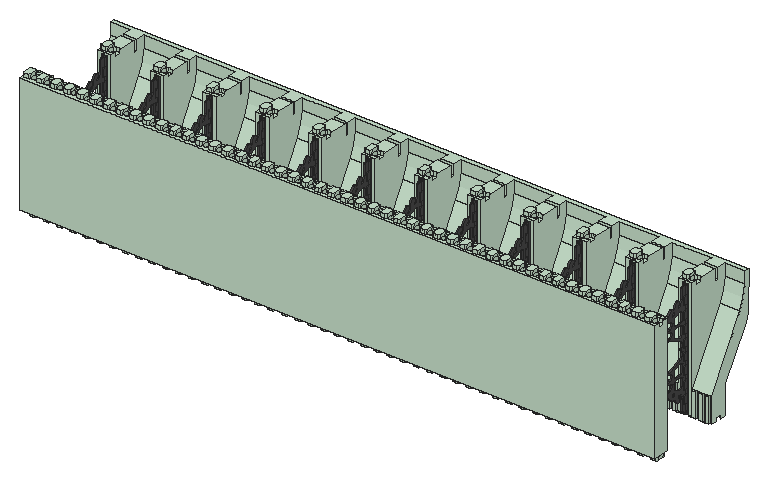
Revit family (continued)
Forms (in)
  Extrusion 166, solid, material "NUDURA Expanded Polystyrene Foam Insulation"
    sketch origin (0, 0, 0) x (0, 1, 0) y (0, 0, 1)
      loop
        line (7.625, 16.5) -> (7.625, 18) -> (3.25, 18) -> (3.25, 3.625) -> (8.425, 13)
        arc (8.425, 13) -> (9.05432, 14.58521) -> (9.425, 16.25) r 10.75
        line (9.425, 16.25) -> (9.425, 18)
    from 59 to 61
  Extrusion 167, solid, material "NUDURA Expanded Polystyrene Foam Insulation"
    sketch origin (0, 0, 0) x (0, 1, 0) y (0, 0, 1)
      loop
        line (9.425, 18) -> (8.125, 18) -> (8.125, 16.5)
        arc (8.125, 16.5) -> (7.875, 16.25) -> (7.625, 16.5) r 0.25
        line (7.625, 16.5) -> (7.625, 18) -> (3.25, 18) -> (3.25, 3.625) -> (8.425, 13)
        arc (8.425, 13) -> (9.05432, 14.58521) -> (9.425, 16.25) r 10.75
        line (9.425, 16.25) -> (9.425, 18)
    from 67 to 69
  Extrusion 168, solid, material "NUDURA Expanded Polystyrene Foam Insulation"
    sketch origin (0, 0, 0) x (0, 1, 0) y (0, 0, 1)
      loop
        line (9.425, 18) -> (8.125, 18) -> (8.125, 16.5)
        arc (8.125, 16.5) -> (7.875, 16.25) -> (7.625, 16.5) r 0.25
        line (7.625, 16.5) -> (7.625, 18) -> (3.25, 18) -> (3.25, 3.625) -> (8.425, 13)
        arc (8.425, 13) -> (9.05432, 14.58521) -> (9.425, 16.25) r 10.75
        line (9.425, 16.25) -> (9.425, 18)
    from 75 to 77
  Extrusion 169, solid, material "NUDURA Expanded Polystyrene Foam Insulation"
    sketch origin (0, 0, 0) x (0, 1, 0) y (0, 0, 1)
      loop
        line (9.425, 18) -> (8.125, 18) -> (8.125, 16.5)
        arc (8.125, 16.5) -> (7.875, 16.25) -> (7.625, 16.5) r 0.25
        line (7.625, 16.5) -> (7.625, 18) -> (3.25, 18) -> (3.25, 3.625) -> (8.425, 13)
        arc (8.425, 13) -> (9.05432, 14.58521) -> (9.425, 16.25) r 10.75
        line (9.425, 16.25) -> (9.425, 18)
    from 83 to 85
  Extrusion 170, solid, material "NUDURA Expanded Polystyrene Foam Insulation"
    sketch origin (0, 0, 0) x (0, 1, 0) y (0, 0, 1)
      loop
        line (9.425, 18) -> (8.125, 18) -> (8.125, 16.5)
        arc (8.125, 16.5) -> (7.875, 16.25) -> (7.625, 16.5) r 0.25
        line (7.625, 16.5) -> (7.625, 18) -> (3.25, 18) -> (3.25, 3.625) -> (8.425, 13)
        arc (8.425, 13) -> (9.05432, 14.58521) -> (9.425, 16.25) r 10.75
        line (9.425, 16.25) -> (9.425, 18)
    from 91 to 93
  Extrusion 171, solid, material "NUDURA Expanded Polystyrene Foam Insulation"
    sketch origin (0, 0, 0) x (1, 0, 0) y (0, 1, 0)
      loop
        line (95.21883, 3) -> (95.78117, 3) -> (95.71883, 3.25) -> (95.28117, 3.25) -> (95.21883, 3)
      loop
        line (94.21883, 3) -> (94.78117, 3) -> (94.71883, 3.25) -> (94.28117, 3.25) -> (94.21883, 3)
      loop
        line (93.21883, 3) -> (93.78117, 3) -> (93.71883, 3.25) -> (93.28117, 3.25) -> (93.21883, 3)
      loop
        line (90.21883, 3) -> (90.78117, 3) -> (90.71883, 3.25) -> (90.28117, 3.25) -> (90.21883, 3)
      loop
        line (89.21883, 3) -> (89.78117, 3) -> (89.71883, 3.25) -> (89.28117, 3.25) -> (89.21883, 3)
      loop
        line (88.21883, 3) -> (88.78117, 3) -> (88.71883, 3.25) -> (88.28117, 3.25) -> (88.21883, 3)
      loop
        line (87.21883, 3) -> (87.78117, 3) -> (87.71883, 3.25) -> (87.28117, 3.25) -> (87.21883, 3)
      loop
        line (86.21883, 3) -> (86.78117, 3) -> (86.71883, 3.25) -> (86.28117, 3.25) -> (86.21883, 3)
      loop
        line (85.21883, 3) -> (85.78117, 3) -> (85.71883, 3.25) -> (85.28117, 3.25) -> (85.21883, 3)
      loop
        line (82.21883, 3) -> (82.78117, 3) -> (82.71883, 3.25) -> (82.28117, 3.25) -> (82.21883, 3)
      loop
        line (81.21883, 3) -> (81.78117, 3) -> (81.71883, 3.25) -> (81.28117, 3.25) -> (81.21883, 3)
      loop
        line (80.21883, 3) -> (80.78117, 3) -> (80.71883, 3.25) -> (80.28117, 3.25) -> (80.21883, 3)
      loop
        line (79.21883, 3) -> (79.78117, 3) -> (79.71883, 3.25) -> (79.28117, 3.25) -> (79.21883, 3)
      loop
        line (78.21883, 3) -> (78.78117, 3) -> (78.71883, 3.25) -> (78.28117, 3.25) -> (78.21883, 3)
      loop
        line (77.21883, 3) -> (77.78117, 3) -> (77.71883, 3.25) -> (77.28117, 3.25) -> (77.21883, 3)
      loop
        line (74.21883, 3) -> (74.78117, 3) -> (74.71883, 3.25) -> (74.28117, 3.25) -> (74.21883, 3)
      loop
        line (73.21883, 3) -> (73.78117, 3) -> (73.71883, 3.25) -> (73.28117, 3.25) -> (73.21883, 3)
      loop
        line (72.21883, 3) -> (72.78117, 3) -> (72.71883, 3.25) -> (72.28117, 3.25) -> (72.21883, 3)
      loop
        line (71.21883, 3) -> (71.78117, 3) -> (71.71883, 3.25) -> (71.28117, 3.25) -> (71.21883, 3)
      loop
        line (70.21883, 3) -> (70.78117, 3) -> (70.71883, 3.25) -> (70.28117, 3.25) -> (70.21883, 3)
      loop
        line (69.21883, 3) -> (69.78117, 3) -> (69.71883, 3.25) -> (69.28117, 3.25) -> (69.21883, 3)
      loop
        line (66.21883, 3) -> (66.78117, 3) -> (66.71883, 3.25) -> (66.28117, 3.25) -> (66.21883, 3)
      loop
        line (65.21883, 3) -> (65.78117, 3) -> (65.71883, 3.25) -> (65.28117, 3.25) -> (65.21883, 3)
      loop
        line (64.21883, 3) -> (64.78117, 3) -> (64.71883, 3.25) -> (64.28117, 3.25) -> (64.21883, 3)
      loop
        line (63.21883, 3) -> (63.78117, 3) -> (63.71883, 3.25) -> (63.28117, 3.25) -> (63.21883, 3)
      loop
        line (62.21883, 3) -> (62.78117, 3) -> (62.71883, 3.25) -> (62.28117, 3.25) -> (62.21883, 3)
      loop
        line (61.21883, 3) -> (61.78117, 3) -> (61.71883, 3.25) -> (61.28117, 3.25) -> (61.21883, 3)
      loop
        line (58.21883, 3) -> (58.78117, 3) -> (58.71883, 3.25) -> (58.28117, 3.25) -> (58.21883, 3)
      loop
        line (57.21883, 3) -> (57.78117, 3) -> (57.71883, 3.25) -> (57.28117, 3.25) -> (57.21883, 3)
      loop
        line (56.21883, 3) -> (56.78117, 3) -> (56.71883, 3.25) -> (56.28117, 3.25) -> (56.21883, 3)
      loop
        line (55.21883, 3) -> (55.78117, 3) -> (55.71883, 3.25) -> (55.28117, 3.25) -> (55.21883, 3)
      loop
        line (54.21883, 3) -> (54.78117, 3) -> (54.71883, 3.25) -> (54.28117, 3.25) -> (54.21883, 3)
      loop
        line (53.21883, 3) -> (53.78117, 3) -> (53.71883, 3.25) -> (53.28117, 3.25) -> (53.21883, 3)
      loop
        line (50.21883, 3) -> (50.78117, 3) -> (50.71883, 3.25) -> (50.28117, 3.25) -> (50.21883, 3)
      loop
        line (49.21883, 3) -> (49.78117, 3) -> (49.71883, 3.25) -> (49.28117, 3.25) -> (49.21883, 3)
      loop
        line (48.21883, 3) -> (48.78117, 3) -> (48.71883, 3.25) -> (48.28117, 3.25) -> (48.21883, 3)
      loop
        line (47.21883, 3) -> (47.78117, 3) -> (47.71883, 3.25) -> (47.28117, 3.25) -> (47.21883, 3)
      loop
        line (46.21883, 3) -> (46.78117, 3) -> (46.71883, 3.25) -> (46.28117, 3.25) -> (46.21883, 3)
      loop
        line (45.21883, 3) -> (45.78117, 3) -> (45.71883, 3.25) -> (45.28117, 3.25) -> (45.21883, 3)
      loop
        line (42.21883, 3) -> (42.78117, 3) -> (42.71883, 3.25) -> (42.28117, 3.25) -> (42.21883, 3)
      loop
        line (41.21883, 3) -> (41.78117, 3) -> (41.71883, 3.25) -> (41.28117, 3.25) -> (41.21883, 3)
      loop
        line (40.21883, 3) -> (40.78117, 3) -> (40.71883, 3.25) -> (40.28117, 3.25) -> (40.21883, 3)
      loop
        line (39.21883, 3) -> (39.78117, 3) -> (39.71883, 3.25) -> (39.28117, 3.25) -> (39.21883, 3)
      loop
        line (38.21883, 3) -> (38.78117, 3) -> (38.71883, 3.25) -> (38.28117, 3.25) -> (38.21883, 3)
      loop
        line (37.21883, 3) -> (37.78117, 3) -> (37.71883, 3.25) -> (37.28117, 3.25) -> (37.21883, 3)
      loop
        line (34.21883, 3) -> (34.78117, 3) -> (34.71883, 3.25) -> (34.28117, 3.25) -> (34.21883, 3)
      loop
        line (33.21883, 3) -> (33.78117, 3) -> (33.71883, 3.25) -> (33.28117, 3.25) -> (33.21883, 3)
      loop
        line (32.21883, 3) -> (32.78117, 3) -> (32.71883, 3.25) -> (32.28117, 3.25) -> (32.21883, 3)
      loop
        line (31.21883, 3) -> (31.78117, 3) -> (31.71883, 3.25) -> (31.28117, 3.25) -> (31.21883, 3)
      loop
        line (30.21883, 3) -> (30.78117, 3) -> (30.71883, 3.25) -> (30.28117, 3.25) -> (30.21883, 3)
      loop
        line (29.21883, 3) -> (29.78117, 3) -> (29.71883, 3.25) -> (29.28117, 3.25) -> (29.21883, 3)
      loop
        line (26.21883, 3) -> (26.78117, 3) -> (26.71883, 3.25) -> (26.28117, 3.25) -> (26.21883, 3)
      loop
        line (25.21883, 3) -> (25.78117, 3) -> (25.71883, 3.25) -> (25.28117, 3.25) -> (25.21883, 3)
      loop
        line (24.21883, 3) -> (24.78117, 3) -> (24.71883, 3.25) -> (24.28117, 3.25) -> (24.21883, 3)
      loop
        line (23.21883, 3) -> (23.78117, 3) -> (23.71883, 3.25) -> (23.28117, 3.25) -> (23.21883, 3)
      loop
        line (22.21883, 3) -> (22.78117, 3) -> (22.71883, 3.25) -> (22.28117, 3.25) -> (22.21883, 3)
      loop
        line (21.21883, 3) -> (21.78117, 3) -> (21.71883, 3.25) -> (21.28117, 3.25) -> (21.21883, 3)
      loop
        line (18.21883, 3) -> (18.78117, 3) -> (18.71883, 3.25) -> (18.28117, 3.25) -> (18.21883, 3)
      loop
        line (17.21883, 3) -> (17.78117, 3) -> (17.71883, 3.25) -> (17.28117, 3.25) -> (17.21883, 3)
      loop
        line (16.21883, 3) -> (16.78117, 3) -> (16.71883, 3.25) -> (16.28117, 3.25) -> (16.21883, 3)
      loop
        line (15.21883, 3) -> (15.78117, 3) -> (15.71883, 3.25) -> (15.28117, 3.25) -> (15.21883, 3)
      loop
        line (14.21883, 3) -> (14.78117, 3) -> (14.71883, 3.25) -> (14.28117, 3.25) -> (14.21883, 3)
      loop
        line (13.21883, 3) -> (13.78117, 3) -> (13.71883, 3.25) -> (13.28117, 3.25) -> (13.21883, 3)
      loop
        line (10.21883, 3) -> (10.78117, 3) -> (10.71883, 3.25) -> (10.28117, 3.25) -> (10.21883, 3)
      loop
        line (9.21883, 3) -> (9.78117, 3) -> (9.71883, 3.25) -> (9.28117, 3.25) -> (9.21883, 3)
      loop
        line (8.21883, 3) -> (8.78117, 3) -> (8.71883, 3.25) -> (8.28117, 3.25) -> (8.21883, 3)
      loop
        line (7.21883, 3) -> (7.78117, 3) -> (7.71883, 3.25) -> (7.28117, 3.25) -> (7.21883, 3)
      loop
        line (6.21883, 3) -> (6.78117, 3) -> (6.71883, 3.25) -> (6.28117, 3.25) -> (6.21883, 3)
      loop
        line (5.21883, 3) -> (5.78117, 3) -> (5.71883, 3.25) -> (5.28117, 3.25) -> (5.21883, 3)
      loop
        line (2.21883, 3) -> (2.78117, 3) -> (2.71883, 3.25) -> (2.28117, 3.25) -> (2.21883, 3)
      loop
        line (1.21883, 3) -> (1.78117, 3) -> (1.71883, 3.25) -> (1.28117, 3.25) -> (1.21883, 3)
      loop
        line (0.21883, 3) -> (0.78117, 3) -> (0.71883, 3.25) -> (0.28117, 3.25) -> (0.21883, 3)
    from 0 to 3.625
Cuts and joins
  Extrusion 2, Extrusion 3, Extrusion 4, Extrusion 5, Extrusion 6, Extrusion 7, Extrusion 8, Extrusion 9, Extrusion 10, Extrusion 11, Extrusion 12, Extrusion 13, Extrusion 14, Extrusion 15, Extrusion 16, Extrusion 17, Extrusion 18, Extrusion 19, Extrusion 20, Extrusion 21, Extrusion 22, Extrusion 23, Extrusion 24, Extrusion 25, Extrusion 26, Extrusion 27, Extrusion 28, Extrusion 29, Extrusion 30, Extrusion 31, Extrusion 32, Extrusion 33, Extrusion 34, Extrusion 35, Extrusion 36, Extrusion 37, Extrusion 38, Extrusion 39, Extrusion 40, Extrusion 41, Extrusion 42, Extrusion 43, Extrusion 44, Extrusion 45, Extrusion 46, Extrusion 47, Extrusion 48, Extrusion 49, Extrusion 50, Extrusion 51, Extrusion 52, Extrusion 53, Extrusion 54, Extrusion 55, Extrusion 56, Extrusion 57, Extrusion 58, Extrusion 59, Extrusion 60, Extrusion 61, Extrusion 62, Extrusion 63, Extrusion 64, Extrusion 65, Extrusion 66, Extrusion 67, Extrusion 68, Extrusion 69, Extrusion 70, Extrusion 71, Extrusion 72, Extrusion 73, Extrusion 74, Extrusion 75, Extrusion 76, Extrusion 77, Extrusion 78, Extrusion 79, Extrusion 80, Extrusion 81, Extrusion 82, Extrusion 83, Extrusion 84, Extrusion 85, Extrusion 86, Extrusion 87, Extrusion 88, Extrusion 89, Extrusion 90, Extrusion 91, Extrusion 92, Extrusion 93, Extrusion 94, Extrusion 95, Extrusion 96, Extrusion 97, Extrusion 98, Extrusion 99, Extrusion 100, Extrusion 101, Extrusion 102, Extrusion 103, Extrusion 104, Extrusion 105, Extrusion 106, Extrusion 107, Extrusion 108, Extrusion 109, Extrusion 110, Extrusion 111, Extrusion 112, Extrusion 113, Extrusion 114, Extrusion 115, Extrusion 116, Extrusion 117, Extrusion 118, Extrusion 119, Extrusion 120, Extrusion 121, Extrusion 122, Extrusion 123, Extrusion 124, Extrusion 125, Extrusion 126, Extrusion 127, Extrusion 128, Extrusion 129, Extrusion 130, Extrusion 131, Extrusion 132, Extrusion 133, Extrusion 134, Extrusion 135, Extrusion 136, Extrusion 137, Extrusion 138, Extrusion 139, Extrusion 140, Extrusion 141, Extrusion 142, Extrusion 143, Extrusion 144, Extrusion 145, Extrusion 146, Extrusion 147, Extrusion 148, Extrusion 149, Extrusion 150, Extrusion 151, Extrusion 152, Extrusion 153, Extrusion 154, Extrusion 155, Extrusion 156, Extrusion 157 cuts Extrusion 1
  Extrusion 110, Extrusion 111, Extrusion 112, Extrusion 113, Extrusion 114, Extrusion 115, Extrusion 116, Extrusion 117, Extrusion 118, Extrusion 119, Extrusion 120, Extrusion 121, Extrusion 122, Extrusion 123, Extrusion 124, Extrusion 125, Extrusion 126, Extrusion 127, Extrusion 128, Extrusion 129, Extrusion 130, Extrusion 131, Extrusion 132, Extrusion 133, Extrusion 134, Extrusion 135, Extrusion 136, Extrusion 137, Extrusion 138, Extrusion 139, Extrusion 140, Extrusion 141, Extrusion 142, Extrusion 143, Extrusion 144, Extrusion 145, Extrusion 146, Extrusion 147, Extrusion 148, Extrusion 149, Extrusion 150, Extrusion 151, Extrusion 152, Extrusion 153, Extrusion 154, Extrusion 155, Extrusion 156, Extrusion 157 cuts Extrusion 158
  Extrusion 61 cuts Extrusion 159
  Extrusion 60 cuts Extrusion 160
  Extrusion 59 cuts Extrusion 161
  Extrusion 58 cuts Extrusion 162
  Extrusion 57 cuts Extrusion 163
  Extrusion 56 cuts Extrusion 164
  Extrusion 55 cuts Extrusion 165
  Extrusion 54 cuts Extrusion 166
  Extrusion 53 cuts Extrusion 167
  Extrusion 52 cuts Extrusion 168
  Extrusion 51 cuts Extrusion 169
  Extrusion 50 cuts Extrusion 170
  joined: Extrusion 158, Extrusion 159, Extrusion 160, Extrusion 161, Extrusion 162, Extrusion 163, Extrusion 164, Extrusion 165, Extrusion 166, Extrusion 167, Extrusion 168, Extrusion 169, Extrusion 170, Extrusion 171
Lines and regions (in)
  model lines
    curve 1: line (8, -7.625, 18) -> (8, -7.625, 0)
Dimensions and locks (in)
  locked: plane 3 "Center (Left/Right)" to plane 4 at 96
  locked: plane 6 to plane 5 at 8
  locked: plane 5 to plane 7 at 2.625
  locked: plane 8 to plane 6 at 2.625
  locked: plane 9 to level at 18
  locked: plane 4 to plane 3 "Center (Left/Right)" at 96
  locked: plane 9 to plane 10 at 0.5
  locked: plane 11 to level at 0.5
  aligned and locked: plane 9 to Extrusion 1
  aligned and locked: Extrusion 1 to plane 3 "Center (Left/Right)"
  aligned and locked: plane 4 to Extrusion 1
  aligned and locked: level to Extrusion 1
  aligned and locked: nested 1 to plane 8
  aligned and locked: nested 116 to cut or joined group 1 (Extrusion 1, Extrusion 2, Extrusion 3, Extrusion 4, Extrusion 5, Extrusion 6, Extrusion 7, Extrusion 8, Extrusion 9, Extrusion 10, Extrusion 11, Extrusion 12, Extrusion 13, Extrusion 14, Extrusion 15, Extrusion 16, Extrusion 17, Extrusion 18, Extrusion 19, Extrusion 20, Extrusion 21, Extrusion 22, Extrusion 23, Extrusion 24, Extrusion 25, Extrusion 26, Extrusion 27, Extrusion 28, Extrusion 29, Extrusion 30, Extrusion 31, Extrusion 32, Extrusion 33, Extrusion 34, Extrusion 35, Extrusion 36, Extrusion 37, Extrusion 38, Extrusion 39, Extrusion 40, Extrusion 41, Extrusion 42, Extrusion 43, Extrusion 44, Extrusion 45, Extrusion 46, Extrusion 47, Extrusion 48, Extrusion 49, Extrusion 50, Extrusion 51, Extrusion 52, Extrusion 53, Extrusion 54, Extrusion 55, Extrusion 56, Extrusion 57, Extrusion 58, Extrusion 59, Extrusion 60, Extrusion 61, Extrusion 62, Extrusion 63, Extrusion 64, Extrusion 65, Extrusion 66, Extrusion 67, Extrusion 68, Extrusion 69, Extrusion 70, Extrusion 71, Extrusion 72, Extrusion 73, Extrusion 74, Extrusion 75, Extrusion 76, Extrusion 77, Extrusion 78, Extrusion 79, Extrusion 80, Extrusion 81, Extrusion 82, Extrusion 83, Extrusion 84, Extrusion 85, Extrusion 86, Extrusion 87, Extrusion 88, Extrusion 89, Extrusion 90, Extrusion 91, Extrusion 92, Extrusion 93, Extrusion 94, Extrusion 95, Extrusion 96, Extrusion 97, Extrusion 98, Extrusion 99, Extrusion 100, Extrusion 101, Extrusion 102, Extrusion 103, Extrusion 104, Extrusion 105, Extrusion 106, Extrusion 107, Extrusion 108, Extrusion 109, Extrusion 110, Extrusion 111, Extrusion 112, Extrusion 113, Extrusion 114, Extrusion 115, Extrusion 116, Extrusion 117, Extrusion 118, Extrusion 119, Extrusion 120, Extrusion 121, Extrusion 122, Extrusion 123, Extrusion 124, Extrusion 125, Extrusion 126, Extrusion 127, Extrusion 128, Extrusion 129, Extrusion 130, Extrusion 131, Extrusion 132, Extrusion 133, Extrusion 134, Extrusion 135, Extrusion 136, Extrusion 137, Extrusion 138, Extrusion 139, Extrusion 140, Extrusion 141, Extrusion 142, Extrusion 143, Extrusion 144, Extrusion 145, Extrusion 146, Extrusion 147, Extrusion 148, Extrusion 149, Extrusion 150, Extrusion 151, Extrusion 152, Extrusion 153, Extrusion 154, Extrusion 155, Extrusion 156, Extrusion 157)
  aligned and locked: cut or joined group 1 to cut or joined group 2 (Extrusion 50, Extrusion 51, Extrusion 52, Extrusion 53, Extrusion 54, Extrusion 55, Extrusion 56, Extrusion 57, Extrusion 58, Extrusion 59, Extrusion 60, Extrusion 61, Extrusion 110, Extrusion 111, Extrusion 112, Extrusion 113, Extrusion 114, Extrusion 115, Extrusion 116, Extrusion 117, Extrusion 118, Extrusion 119, Extrusion 120, Extrusion 121, Extrusion 122, Extrusion 123, Extrusion 124, Extrusion 125, Extrusion 126, Extrusion 127, Extrusion 128, Extrusion 129, Extrusion 130, Extrusion 131, Extrusion 132, Extrusion 133, Extrusion 134, Extrusion 135, Extrusion 136, Extrusion 137, Extrusion 138, Extrusion 139, Extrusion 140, Extrusion 141, Extrusion 142, Extrusion 143, Extrusion 144, Extrusion 145, Extrusion 146, Extrusion 147, Extrusion 148, Extrusion 149, Extrusion 150, Extrusion 151, Extrusion 152, Extrusion 153, Extrusion 154, Extrusion 155, Extrusion 156, Extrusion 157, Extrusion 158, Extrusion 159, Extrusion 160, Extrusion 161, Extrusion 162, Extrusion 163, Extrusion 164, Extrusion 165, Extrusion 166, Extrusion 167, Extrusion 168, Extrusion 169, Extrusion 170, Extrusion 171)
  aligned and locked: cut or joined group 2 to nested 170
  aligned and locked: cut or joined group 2 to nested 171
  aligned and locked: cut or joined group 1 to nested 168
  aligned and locked: cut or joined group 1 to nested 167
  aligned and locked: cut or joined group 1 to nested 166
Nested families (in)
  nested 1: "NUDURA Diamond Pattern" at (0, -2, 0), type "NUDURA Diamond Pattern"
  nested 2: "NUDURA Diamond Pattern" at (16, -2, 0), type "NUDURA Diamond Pattern"
  nested 3: "NUDURA Diamond Pattern" at (24, -2, 0), type "NUDURA Diamond Pattern"
  nested 4: "NUDURA Diamond Pattern" at (40, -2, 0), type "NUDURA Diamond Pattern"
  nested 5: "NUDURA Diamond Pattern" at (48, -2, 0), type "NUDURA Diamond Pattern"
  nested 6: "NUDURA Diamond Pattern" at (64, -2, 0), type "NUDURA Diamond Pattern"
  nested 7: "NUDURA Diamond Pattern" at (72, -2, 0), type "NUDURA Diamond Pattern"
  nested 8: "NUDURA Diamond Pattern" at (88, -2, 0), type "NUDURA Diamond Pattern"
  nested 9: "Interlock Tooth" at (0, -2, 0), type "Interlock Tooth"
  nested 10: "Interlock Tooth" at (2, -2, 0), type "Interlock Tooth"
  nested 11: "Interlock Tooth" at (4, -2, 0), type "Interlock Tooth"
  nested 12: "Interlock Tooth" at (6, -2, 0), type "Interlock Tooth"
  nested 13: "Interlock Tooth" at (8, -2, 0), type "Interlock Tooth"
  nested 14: "Interlock Tooth" at (10, -2, 0), type "Interlock Tooth"
  nested 15: "Interlock Tooth" at (12, -2, 0), type "Interlock Tooth"
  nested 16: "Interlock Tooth" at (14, -2, 0), type "Interlock Tooth"
  nested 17: "Interlock Tooth" at (16, -2, 0), type "Interlock Tooth"
  nested 18: "Interlock Tooth" at (18, -2, 0), type "Interlock Tooth"
  nested 19: "Interlock Tooth" at (20, -2, 0), type "Interlock Tooth"
  nested 20: "Interlock Tooth" at (22, -2, 0), type "Interlock Tooth"
  nested 21: "Interlock Tooth" at (24, -2, 0), type "Interlock Tooth"
  nested 22: "Interlock Tooth" at (26, -2, 0), type "Interlock Tooth"
  nested 23: "Interlock Tooth" at (28, -2, 0), type "Interlock Tooth"
  nested 24: "Interlock Tooth" at (30, -2, 0), type "Interlock Tooth"
  nested 25: "Interlock Tooth" at (32, -2, 0), type "Interlock Tooth"
  nested 26: "Interlock Tooth" at (34, -2, 0), type "Interlock Tooth"
  nested 27: "Interlock Tooth" at (36, -2, 0), type "Interlock Tooth"
  nested 28: "Interlock Tooth" at (38, -2, 0), type "Interlock Tooth"
  nested 29: "Interlock Tooth" at (40, -2, 0), type "Interlock Tooth"
  nested 30: "Interlock Tooth" at (42, -2, 0), type "Interlock Tooth"
  nested 31: "Interlock Tooth" at (44, -2, 0), type "Interlock Tooth"
  nested 32: "Interlock Tooth" at (46, -2, 0), type "Interlock Tooth"
  nested 33: "Interlock Tooth" at (48, -2, 0), type "Interlock Tooth"
  nested 34: "Interlock Tooth" at (50, -2, 0), type "Interlock Tooth"
  nested 35: "Interlock Tooth" at (52, -2, 0), type "Interlock Tooth"
  nested 36: "Interlock Tooth" at (54, -2, 0), type "Interlock Tooth"
  nested 37: "Interlock Tooth" at (56, -2, 0), type "Interlock Tooth"
  nested 38: "Interlock Tooth" at (58, -2, 0), type "Interlock Tooth"
  nested 39: "Interlock Tooth" at (60, -2, 0), type "Interlock Tooth"
  nested 40: "Interlock Tooth" at (62, -2, 0), type "Interlock Tooth"
  nested 41: "Interlock Tooth" at (64, -2, 0), type "Interlock Tooth"
  nested 42: "Interlock Tooth" at (66, -2, 0), type "Interlock Tooth"
  nested 43: "Interlock Tooth" at (68, -2, 0), type "Interlock Tooth"
  nested 44: "Interlock Tooth" at (70, -2, 0), type "Interlock Tooth"
  nested 45: "Interlock Tooth" at (72, -2, 0), type "Interlock Tooth"
  nested 46: "Interlock Tooth" at (74, -2, 0), type "Interlock Tooth"
  nested 47: "Interlock Tooth" at (76, -2, 0), type "Interlock Tooth"
  nested 48: "Interlock Tooth" at (78, -2, 0), type "Interlock Tooth"
  nested 49: "Interlock Tooth" at (80, -2, 0), type "Interlock Tooth"
  nested 50: "Interlock Tooth" at (82, -2, 0), type "Interlock Tooth"
  nested 51: "Interlock Tooth" at (84, -2, 0), type "Interlock Tooth"
  nested 52: "Interlock Tooth" at (86, -2, 0), type "Interlock Tooth"
  nested 53: "Interlock Tooth" at (88, -2, 0), type "Interlock Tooth"
  nested 54: "Interlock Tooth" at (90, -2, 0), type "Interlock Tooth"
  nested 55: "Interlock Tooth" at (92, -2, 0), type "Interlock Tooth"
  nested 56: "Interlock Tooth" at (94, -2, 0), type "Interlock Tooth"
  nested 57: "Interlock Tooth" at (3, 8.875, 0), type "Interlock Tooth"
  nested 58: "Interlock Tooth" at (11, 8.875, 0), type "Interlock Tooth"
  nested 59: "Interlock Tooth" at (19, 8.875, 0), type "Interlock Tooth"
  nested 60: "Interlock Tooth" at (27, 8.875, 0), type "Interlock Tooth"
  nested 61: "Interlock Tooth" at (35, 8.875, 0), type "Interlock Tooth"
  nested 62: "Interlock Tooth" at (43, 8.875, 0), type "Interlock Tooth"
  nested 63: "Interlock Tooth" at (51, 8.875, 0), type "Interlock Tooth"
  nested 64: "Interlock Tooth" at (59, 8.875, 0), type "Interlock Tooth"
  nested 65: "Interlock Tooth" at (67, 8.875, 0), type "Interlock Tooth"
  nested 66: "Interlock Tooth" at (75, 8.875, 0), type "Interlock Tooth"
  nested 67: "Interlock Tooth" at (83, 8.875, 0), type "Interlock Tooth"
  nested 68: "Interlock Tooth" at (91, 8.875, 0), type "Interlock Tooth"
  nested 69: "Interlock Tooth" at (1, -10.875, -18.5), type "Interlock Tooth"
  nested 70: "Interlock Tooth" at (3, -10.875, -18.5), type "Interlock Tooth"
  nested 71: "Interlock Tooth" at (5, -10.875, -18.5), type "Interlock Tooth"
  nested 72: "Interlock Tooth" at (7, -10.875, -18.5), type "Interlock Tooth"
  nested 73: "Interlock Tooth" at (9, -10.875, -18.5), type "Interlock Tooth"
  nested 74: "Interlock Tooth" at (11, -10.875, -18.5), type "Interlock Tooth"
  nested 75: "Interlock Tooth" at (13, -10.875, -18.5), type "Interlock Tooth"
  nested 76: "Interlock Tooth" at (15, -10.875, -18.5), type "Interlock Tooth"
  nested 77: "Interlock Tooth" at (17, -10.875, -18.5), type "Interlock Tooth"
  nested 78: "Interlock Tooth" at (19, -10.875, -18.5), type "Interlock Tooth"
  nested 79: "Interlock Tooth" at (21, -10.875, -18.5), type "Interlock Tooth"
  nested 80: "Interlock Tooth" at (23, -10.875, -18.5), type "Interlock Tooth"
  nested 81: "Interlock Tooth" at (25, -10.875, -18.5), type "Interlock Tooth"
  nested 82: "Interlock Tooth" at (27, -10.875, -18.5), type "Interlock Tooth"
  nested 83: "Interlock Tooth" at (29, -10.875, -18.5), type "Interlock Tooth"
  nested 84: "Interlock Tooth" at (31, -10.875, -18.5), type "Interlock Tooth"
  nested 85: "Interlock Tooth" at (33, -10.875, -18.5), type "Interlock Tooth"
  nested 86: "Interlock Tooth" at (35, -10.875, -18.5), type "Interlock Tooth"
  nested 87: "Interlock Tooth" at (37, -10.875, -18.5), type "Interlock Tooth"
  nested 88: "Interlock Tooth" at (39, -10.875, -18.5), type "Interlock Tooth"
  nested 89: "Interlock Tooth" at (41, -10.875, -18.5), type "Interlock Tooth"
  nested 90: "Interlock Tooth" at (43, -10.875, -18.5), type "Interlock Tooth"
  nested 91: "Interlock Tooth" at (45, -10.875, -18.5), type "Interlock Tooth"
  nested 92: "Interlock Tooth" at (47, -10.875, -18.5), type "Interlock Tooth"
  nested 93: "Interlock Tooth" at (49, -10.875, -18.5), type "Interlock Tooth"
  nested 94: "Interlock Tooth" at (51, -10.875, -18.5), type "Interlock Tooth"
  nested 95: "Interlock Tooth" at (53, -10.875, -18.5), type "Interlock Tooth"
  nested 96: "Interlock Tooth" at (55, -10.875, -18.5), type "Interlock Tooth"
  nested 97: "Interlock Tooth" at (57, -10.875, -18.5), type "Interlock Tooth"
  nested 98: "Interlock Tooth" at (59, -10.875, -18.5), type "Interlock Tooth"
  nested 99: "Interlock Tooth" at (61, -10.875, -18.5), type "Interlock Tooth"
  nested 100: "Interlock Tooth" at (63, -10.875, -18.5), type "Interlock Tooth"
  nested 101: "Interlock Tooth" at (65, -10.875, -18.5), type "Interlock Tooth"
  nested 102: "Interlock Tooth" at (67, -10.875, -18.5), type "Interlock Tooth"
  nested 103: "Interlock Tooth" at (69, -10.875, -18.5), type "Interlock Tooth"
  nested 104: "Interlock Tooth" at (71, -10.875, -18.5), type "Interlock Tooth"
  nested 105: "Interlock Tooth" at (73, -10.875, -18.5), type "Interlock Tooth"
  nested 106: "Interlock Tooth" at (75, -10.875, -18.5), type "Interlock Tooth"
  nested 107: "Interlock Tooth" at (77, -10.875, -18.5), type "Interlock Tooth"
  nested 108: "Interlock Tooth" at (79, -10.875, -18.5), type "Interlock Tooth"
  nested 109: "Interlock Tooth" at (81, -10.875, -18.5), type "Interlock Tooth"
  nested 110: "Interlock Tooth" at (83, -10.875, -18.5), type "Interlock Tooth"
  nested 111: "Interlock Tooth" at (85, -10.875, -18.5), type "Interlock Tooth"
  nested 112: "Interlock Tooth" at (87, -10.875, -18.5), type "Interlock Tooth"
  nested 113: "Interlock Tooth" at (89, -10.875, -18.5), type "Interlock Tooth"
  nested 114: "Interlock Tooth" at (91, -10.875, -18.5), type "Interlock Tooth"
  nested 115: "Interlock Tooth" at (93, -10.875, -18.5), type "Interlock Tooth"
  nested 116: "Interlock Tooth" at (95, -10.875, -18.5), type "Interlock Tooth"
  nested 117: "Interlock Tooth" at (0, 0, -18.5), type "Interlock Tooth"
  nested 118: "Interlock Tooth" at (2, 0, -18.5), type "Interlock Tooth"
  nested 119: "Interlock Tooth" at (4, 0, -18.5), type "Interlock Tooth"
  nested 120: "Interlock Tooth" at (6, 0, -18.5), type "Interlock Tooth"
  nested 121: "Interlock Tooth" at (8, 0, -18.5), type "Interlock Tooth"
  nested 122: "Interlock Tooth" at (10, 0, -18.5), type "Interlock Tooth"
  nested 123: "Interlock Tooth" at (12, 0, -18.5), type "Interlock Tooth"
  nested 124: "Interlock Tooth" at (14, 0, -18.5), type "Interlock Tooth"
  nested 125: "Interlock Tooth" at (16, 0, -18.5), type "Interlock Tooth"
  nested 126: "Interlock Tooth" at (18, 0, -18.5), type "Interlock Tooth"
  nested 127: "Interlock Tooth" at (20, 0, -18.5), type "Interlock Tooth"
  nested 128: "Interlock Tooth" at (22, 0, -18.5), type "Interlock Tooth"
  nested 129: "Interlock Tooth" at (24, 0, -18.5), type "Interlock Tooth"
  nested 130: "Interlock Tooth" at (26, 0, -18.5), type "Interlock Tooth"
  nested 131: "Interlock Tooth" at (28, 0, -18.5), type "Interlock Tooth"
  nested 132: "Interlock Tooth" at (30, 0, -18.5), type "Interlock Tooth"
  nested 133: "Interlock Tooth" at (32, 0, -18.5), type "Interlock Tooth"
  nested 134: "Interlock Tooth" at (34, 0, -18.5), type "Interlock Tooth"
  nested 135: "Interlock Tooth" at (36, 0, -18.5), type "Interlock Tooth"
  nested 136: "Interlock Tooth" at (38, 0, -18.5), type "Interlock Tooth"
  nested 137: "Interlock Tooth" at (40, 0, -18.5), type "Interlock Tooth"
  nested 138: "Interlock Tooth" at (42, 0, -18.5), type "Interlock Tooth"
  nested 139: "Interlock Tooth" at (44, 0, -18.5), type "Interlock Tooth"
  nested 140: "Interlock Tooth" at (46, 0, -18.5), type "Interlock Tooth"
  nested 141: "Interlock Tooth" at (48, 0, -18.5), type "Interlock Tooth"
  nested 142: "Interlock Tooth" at (50, 0, -18.5), type "Interlock Tooth"
  nested 143: "Interlock Tooth" at (52, 0, -18.5), type "Interlock Tooth"
  nested 144: "Interlock Tooth" at (54, 0, -18.5), type "Interlock Tooth"
  nested 145: "Interlock Tooth" at (56, 0, -18.5), type "Interlock Tooth"
  nested 146: "Interlock Tooth" at (58, 0, -18.5), type "Interlock Tooth"
  nested 147: "Interlock Tooth" at (60, 0, -18.5), type "Interlock Tooth"
  nested 148: "Interlock Tooth" at (62, 0, -18.5), type "Interlock Tooth"
  nested 149: "Interlock Tooth" at (64, 0, -18.5), type "Interlock Tooth"
  nested 150: "Interlock Tooth" at (66, 0, -18.5), type "Interlock Tooth"
  nested 151: "Interlock Tooth" at (68, 0, -18.5), type "Interlock Tooth"
  nested 152: "Interlock Tooth" at (70, 0, -18.5), type "Interlock Tooth"
  nested 153: "Interlock Tooth" at (72, 0, -18.5), type "Interlock Tooth"
  nested 154: "Interlock Tooth" at (74, 0, -18.5), type "Interlock Tooth"
  nested 155: "Interlock Tooth" at (76, 0, -18.5), type "Interlock Tooth"
  nested 156: "Interlock Tooth" at (78, 0, -18.5), type "Interlock Tooth"
  nested 157: "Interlock Tooth" at (80, 0, -18.5), type "Interlock Tooth"
  nested 158: "Interlock Tooth" at (82, 0, -18.5), type "Interlock Tooth"
  nested 159: "Interlock Tooth" at (84, 0, -18.5), type "Interlock Tooth"
  nested 160: "Interlock Tooth" at (86, 0, -18.5), type "Interlock Tooth"
  nested 161: "Interlock Tooth" at (88, 0, -18.5), type "Interlock Tooth"
  nested 162: "Interlock Tooth" at (90, 0, -18.5), type "Interlock Tooth"
  nested 163: "Interlock Tooth" at (92, 0, -18.5), type "Interlock Tooth"
  nested 164: "Interlock Tooth" at (94, 0, -18.5), type "Interlock Tooth"
  nested 165: "NUDURA Logo Diamond" at (0, -7.625, 0), type "NUDURA Logo Diamond"
  nested 166: "NUDURA Logo Diamond" at (24, -7.625, 0), type "NUDURA Logo Diamond"
  nested 167: "NUDURA Logo Diamond" at (48, -7.625, 0), type "NUDURA Logo Diamond"
  nested 168: "NUDURA Logo Diamond" at (72, -7.625, 0), type "NUDURA Logo Diamond"
  nested 169: "NUDURA Brick Ledge Diamond Pattern" at (88, 11.25, 0), type "NUDURA Brick Ledge Diamond Pattern"
  nested 170: "NUDURA Brick Ledge Diamond Pattern" at (80, 11.25, 0), type "NUDURA Brick Ledge Diamond Pattern"
  nested 171: "NUDURA Brick Ledge Diamond Pattern" at (72, 11.25, 0), type "NUDURA Brick Ledge Diamond Pattern"
  nested 172: "NUDURA Brick Ledge Diamond Pattern" at (64, 11.25, 0), type "NUDURA Brick Ledge Diamond Pattern"
  nested 173: "NUDURA Brick Ledge Diamond Pattern" at (56, 11.25, 0), type "NUDURA Brick Ledge Diamond Pattern"
  nested 174: "NUDURA Brick Ledge Diamond Pattern" at (48, 11.25, 0), type "NUDURA Brick Ledge Diamond Pattern"
  nested 175: "NUDURA Brick Ledge Diamond Pattern" at (40, 11.25, 0), type "NUDURA Brick Ledge Diamond Pattern"
  nested 176: "NUDURA Brick Ledge Diamond Pattern" at (32, 11.25, 0), type "NUDURA Brick Ledge Diamond Pattern"
  nested 177: "NUDURA Brick Ledge Diamond Pattern" at (24, 11.25, 0), type "NUDURA Brick Ledge Diamond Pattern"
  nested 178: "NUDURA Brick Ledge Diamond Pattern" at (16, 11.25, 0), type "NUDURA Brick Ledge Diamond Pattern"
  nested 179: "NUDURA Brick Ledge Diamond Pattern" at (8, 11.25, 0), type "NUDURA Brick Ledge Diamond Pattern"
  nested 180: "NUDURA Brick Ledge Diamond Pattern" at (0, 11.25, 0), type "NUDURA Brick Ledge Diamond Pattern"
  nested 181: "8-inch Insert Web" at (4, -1, 0), type "8-inch Insert Web"
  nested 182: "8-inch Insert Web" at (12, -1, 0), type "8-inch Insert Web"
  nested 183: "8-inch Insert Web" at (20, -1, 0), type "8-inch Insert Web"
  nested 184: "8-inch Insert Web" at (28, -1, 0), type "8-inch Insert Web"
  nested 185: "8-inch Insert Web" at (36, -1, 0), type "8-inch Insert Web"
  nested 186: "8-inch Insert Web" at (44, -1, 0), type "8-inch Insert Web"
  nested 187: "8-inch Insert Web" at (52, -1, 0), type "8-inch Insert Web"
  nested 188: "8-inch Insert Web" at (60, -1, 0), type "8-inch Insert Web"
  nested 189: "8-inch Insert Web" at (68, -1, 0), type "8-inch Insert Web"
  nested 190: "8-inch Insert Web" at (76, -1, 0), type "8-inch Insert Web"
  nested 191: "8-inch Insert Web" at (84, -1, 0), type "8-inch Insert Web"
  nested 192: "8-inch Insert Web" at (92, -1, 0), type "8-inch Insert Web"
Definition of nested family "Interlock Tooth"
  Reference planes (in)
    plane 1 "Center (Front/Back)": y = 0
    plane 2: z = 0
    plane 3 "Center (Left/Right)": x = 0
    plane 4: z = 18
    plane 5: z = 18.5
    plane 6: z = -0.5
  Forms (in)
    Extrusion 1, solid, material "NUDURA Expanded Polystyrene Foam Insulation"
      sketch origin (0, -8.875, 0) x (1, 0, 0) y (0, 1, 0)
        loop
          arc (0, 3.97692) -> (0.04785, 3.82983) -> (0.17308, 3.73905) r 0.25
          arc (0.17308, 3.73905) -> (0.5, 3.6875) -> (0.82692, 3.73905) r 1.0625
          arc (0.82692, 3.73905) -> (0.95215, 3.82983) -> (1, 3.97692) r 0.25
          line (1, 3.97692) -> (1, 4.89808)
          arc (1, 4.89808) -> (0.95215, 5.04517) -> (0.82692, 5.13595) r 0.25
          arc (0.82692, 5.13595) -> (0.5, 5.1875) -> (0.17308, 5.13595) r 1.0625
          arc (0.17308, 5.13595) -> (0.04785, 5.04517) -> (0, 4.89808) r 0.25
          line (0, 4.89808) -> (0, 3.97692)
      from 18 to 18.5
  Dimensions and locks (in)
    locked: plane 4 to level at 18
    locked: plane 4 to plane 5 at 0.5
    locked: plane 6 to level at 0.5
Definition of nested family "8-inch Insert Web"
  Reference planes (in)
    plane 1 "Center (Front/Back)": y = 0
    plane 2: z = 0
    plane 3 "Center (Left/Right)": x = 0
  Forms (in)
    Extrusion 1, solid, material "High Density Polystyrene"
      sketch origin (0, 0, 0) x (0, 1, 0) y (0, 0, 1)
        loop
          line (4.25, 0) -> (4.25, 17.74583)
          arc (4.25, 17.74583) -> (4.22112, 17.72608) -> (4.21, 17.69292) r 0.055
          line (4.21, 17.69292) -> (4.21, 0.05292)
          arc (4.21, 0.05292) -> (4.22112, 0.01975) -> (4.25, 0) r 0.055
        loop
          arc (-4.25, 0) -> (-4.22112, 0.01975) -> (-4.21, 0.05292) r 0.055
          line (-4.21, 0.05292) -> (-4.21, 17.69292)
          arc (-4.21, 17.69292) -> (-4.22112, 17.72608) -> (-4.25, 17.74583) r 0.055
          line (-4.25, 17.74583) -> (-4.25, 0)
      from 0.36328 to -0.36328
    Extrusion 2, solid, material "High Density Polystyrene"
      sketch origin (0, 0, 0) x (0, 1, 0) y (0, 0, 1)
        loop
          arc (4.18889, 17.40785) -> (4.20374, 17.40241) -> (4.21, 17.38789) r 0.02
          line (4.21, 17.38789) -> (4.21, 17.63668)
          arc (4.21, 17.63668) -> (4.20585, 17.62147) -> (4.19457, 17.61045) r 0.03
          line (4.19457, 17.61045) -> (4.12543, 17.57204)
          arc (4.12543, 17.57204) -> (4.11414, 17.56103) -> (4.11, 17.54582) r 0.03
          line (4.11, 17.54582) -> (4.11, 17.42461)
          arc (4.11, 17.42461) -> (4.11625, 17.41008) -> (4.13111, 17.40464) r 0.02
          line (4.13111, 17.40464) -> (4.18889, 17.40785)
        loop
          line (-4.12543, 17.57204) -> (-4.19457, 17.61045)
          arc (-4.19457, 17.61045) -> (-4.20585, 17.62147) -> (-4.21, 17.63668) r 0.03
          line (-4.21, 17.63668) -> (-4.21, 17.38789)
          arc (-4.21, 17.38789) -> (-4.20374, 17.40241) -> (-4.18889, 17.40785) r 0.02
          line (-4.18889, 17.40785) -> (-4.13111, 17.40464)
          arc (-4.13111, 17.40464) -> (-4.11625, 17.41008) -> (-4.11, 17.42461) r 0.02
          line (-4.11, 17.42461) -> (-4.11, 17.54582)
          arc (-4.11, 17.54582) -> (-4.11414, 17.56103) -> (-4.12543, 17.57204) r 0.03
        loop
          line (4.18889, 0.33798) -> (4.13111, 0.34119)
          arc (4.13111, 0.34119) -> (4.11625, 0.33575) -> (4.11, 0.32122) r 0.02
          line (4.11, 0.32122) -> (4.11, 0.20001)
          arc (4.11, 0.20001) -> (4.11414, 0.1848) -> (4.12543, 0.17379) r 0.03
          line (4.12543, 0.17379) -> (4.19457, 0.13538)
          arc (4.19457, 0.13538) -> (4.20585, 0.12437) -> (4.21, 0.10915) r 0.03
          line (4.21, 0.10915) -> (4.21, 0.35795)
          arc (4.21, 0.35795) -> (4.20374, 0.34342) -> (4.18889, 0.33798) r 0.02
        loop
          arc (-4.12543, 0.17379) -> (-4.11414, 0.1848) -> (-4.11, 0.20001) r 0.03
          line (-4.11, 0.20001) -> (-4.11, 0.32122)
          arc (-4.11, 0.32122) -> (-4.11625, 0.33575) -> (-4.13111, 0.34119) r 0.02
          line (-4.13111, 0.34119) -> (-4.18889, 0.33798)
          arc (-4.18889, 0.33798) -> (-4.20374, 0.34342) -> (-4.21, 0.35795) r 0.02
          line (-4.21, 0.35795) -> (-4.21, 0.10915)
          arc (-4.21, 0.10915) -> (-4.20585, 0.12437) -> (-4.19457, 0.13538) r 0.03
          line (-4.19457, 0.13538) -> (-4.12543, 0.17379)
        loop
          line (4, 17.20772) -> (3.925, 17.43772)
          arc (3.925, 17.43772) -> (3.875, 17.46772) -> (3.825, 17.43772) r 0.05667
          line (3.825, 17.43772) -> (3.77609, 17.28772) -> (3.64893, 17.28772)
          arc (3.64893, 17.28772) -> (3.61433, 17.27339) -> (3.6, 17.2388) r 0.04893
          line (3.6, 17.2388) -> (3.6, 17.20772) -> (3.5, 17.20772) -> (3.5, 15.75595)
          arc (3.5, 15.75595) -> (3.43087, 15.489) -> (3.24086, 15.28915) r 0.55
          arc (3.24086, 15.28915) -> (3.19232, 15.23289) -> (3.1843, 15.15901) r 0.125
          arc (3.1843, 15.15901) -> (2.73923, 14.83241) -> (2.77171, 15.3835) r 0.305
          arc (2.77171, 15.3835) -> (2.89426, 15.66948) -> (2.60829, 15.79202) r 0.22
          arc (2.60829, 15.79202) -> (2.25428, 15.49683) -> (2.14171, 15.04986) r 0.745
          arc (2.14171, 15.04986) -> (2.09808, 14.63491) -> (1.96932, 14.23805) r 2
          arc (1.96932, 14.23805) -> (1.47025, 14.23431) -> (1.63581, 14.70513) r 0.305
          arc (1.63581, 14.70513) -> (1.78874, 15.03658) -> (1.43743, 15.1357) r 0.24
          line (1.43743, 15.1357) -> (0.53033, 14.22861)
          arc (0.53033, 14.22861) -> (0, 14.00894) -> (-0.53033, 14.22861) r 0.75
          line (-0.53033, 14.22861) -> (-1.43743, 15.1357)
          arc (-1.43743, 15.1357) -> (-1.78874, 15.03658) -> (-1.63581, 14.70513) r 0.24
          arc (-1.63581, 14.70513) -> (-1.47025, 14.23431) -> (-1.96932, 14.23805) r 0.305
          arc (-1.96932, 14.23805) -> (-2.09808, 14.63491) -> (-2.14171, 15.04986) r 2
          arc (-2.14171, 15.04986) -> (-2.25428, 15.49683) -> (-2.60829, 15.79202) r 0.745
          arc (-2.60829, 15.79202) -> (-2.89426, 15.66948) -> (-2.77171, 15.3835) r 0.22
          arc (-2.77171, 15.3835) -> (-2.73923, 14.83241) -> (-3.1843, 15.15901) r 0.305
          arc (-3.1843, 15.15901) -> (-3.19232, 15.23289) -> (-3.24086, 15.28915) r 0.125
          arc (-3.24086, 15.28915) -> (-3.43087, 15.489) -> (-3.5, 15.75595) r 0.55
          line (-3.5, 15.75595) -> (-3.5, 17.20772) -> (-3.6, 17.20772) -> (-3.6, 17.2388)
          arc (-3.6, 17.2388) -> (-3.61433, 17.27339) -> (-3.64893, 17.28772) r 0.04893
          line (-3.64893, 17.28772) -> (-3.77609, 17.28772) -> (-3.825, 17.43772)
          arc (-3.825, 17.43772) -> (-3.875, 17.46772) -> (-3.925, 17.43772) r 0.05667
          line (-3.925, 17.43772) -> (-4, 17.20772) -> (-4, 0.66519) -> (-3.925, 0.43519)
          arc (-3.925, 0.43519) -> (-3.875, 0.40519) -> (-3.825, 0.43519) r 0.05667
          line (-3.825, 0.43519) -> (-3.77609, 0.58519) -> (-3.64893, 0.58519)
          arc (-3.64893, 0.58519) -> (-3.61433, 0.59952) -> (-3.6, 0.63412) r 0.04893
          line (-3.6, 0.63412) -> (-3.6, 0.66519) -> (-3.5, 0.66519) -> (-3.5, 2.24405)
          arc (-3.5, 2.24405) -> (-3.43087, 2.511) -> (-3.24086, 2.71085) r 0.55
          arc (-3.24086, 2.71085) -> (-3.19232, 2.76711) -> (-3.1843, 2.84099) r 0.125
          arc (-3.1843, 2.84099) -> (-2.73923, 3.16759) -> (-2.77171, 2.6165) r 0.305
          arc (-2.77171, 2.6165) -> (-2.89426, 2.33052) -> (-2.60829, 2.20798) r 0.22
          arc (-2.60829, 2.20798) -> (-2.25428, 2.50317) -> (-2.14171, 2.95014) r 0.745
          arc (-2.14171, 2.95014) -> (-2.09808, 3.36509) -> (-1.96932, 3.76195) r 2
          arc (-1.96932, 3.76195) -> (-1.47025, 3.76569) -> (-1.63581, 3.29487) r 0.305
          arc (-1.63581, 3.29487) -> (-1.78874, 2.96342) -> (-1.43743, 2.8643) r 0.24
          line (-1.43743, 2.8643) -> (-0.53033, 3.77139)
          arc (-0.53033, 3.77139) -> (0, 3.99106) -> (0.53033, 3.77139) r 0.75
          line (0.53033, 3.77139) -> (1.43743, 2.8643)
          arc (1.43743, 2.8643) -> (1.78874, 2.96342) -> (1.63581, 3.29487) r 0.24
          arc (1.63581, 3.29487) -> (1.47025, 3.76569) -> (1.96932, 3.76195) r 0.305
          arc (1.96932, 3.76195) -> (2.09808, 3.36509) -> (2.14171, 2.95014) r 2
          arc (2.14171, 2.95014) -> (2.25428, 2.50317) -> (2.60829, 2.20798) r 0.745
          arc (2.60829, 2.20798) -> (2.89426, 2.33052) -> (2.77171, 2.6165) r 0.22
          arc (2.77171, 2.6165) -> (2.73923, 3.16759) -> (3.1843, 2.84099) r 0.305
          arc (3.1843, 2.84099) -> (3.19232, 2.76711) -> (3.24086, 2.71085) r 0.125
          arc (3.24086, 2.71085) -> (3.43087, 2.511) -> (3.5, 2.24405) r 0.55
          line (3.5, 2.24405) -> (3.5, 0.66519) -> (3.6, 0.66519) -> (3.6, 0.63412)
          arc (3.6, 0.63412) -> (3.61433, 0.59952) -> (3.64893, 0.58519) r 0.04893
          line (3.64893, 0.58519) -> (3.77609, 0.58519) -> (3.825, 0.43519)
          arc (3.825, 0.43519) -> (3.875, 0.40519) -> (3.925, 0.43519) r 0.05667
          line (3.925, 0.43519) -> (4, 0.66519) -> (4, 17.20772)
        loop
          line (2.96605, 14.38264) -> (2.08806, 13.97174)
          arc (2.08806, 13.97174) -> (1.87812, 13.78724) -> (1.8, 13.51888) r 0.5
          line (1.8, 13.51888) -> (1.8, 13.10798)
          arc (1.8, 13.10798) -> (1.94645, 12.75443) -> (2.3, 12.60798) r 0.5
          line (2.3, 12.60798) -> (3.25, 12.60798)
          arc (3.25, 12.60798) -> (3.42678, 12.6812) -> (3.5, 12.85798) r 0.25
          line (3.5, 12.85798) -> (3.5, 14.04299)
          arc (3.5, 14.04299) -> (3.32627, 14.35941) -> (2.96605, 14.38264) r 0.375
        loop
          line (1.6, 12.98298) -> (1.6, 13.39222)
          arc (1.6, 13.39222) -> (1.48146, 13.58635) -> (1.30123, 13.72512) r 0.62421
          arc (1.30123, 13.72512) -> (1.16288, 13.71227) -> (1.02401, 13.70798) r 2.25
          line (1.02401, 13.70798) -> (0, 13.70798) -> (-1.02401, 13.70798)
          arc (-1.02401, 13.70798) -> (-1.16288, 13.71227) -> (-1.30123, 13.72512) r 2.25
          arc (-1.30123, 13.72512) -> (-1.48146, 13.58635) -> (-1.6, 13.39222) r 0.62421
          line (-1.6, 13.39222) -> (-1.6, 12.98298)
          arc (-1.6, 12.98298) -> (-1.45481, 12.75317) -> (-1.225, 12.60798) r 0.61747
          line (-1.225, 12.60798) -> (0, 12.60798) -> (1.225, 12.60798)
          arc (1.225, 12.60798) -> (1.45481, 12.75317) -> (1.6, 12.98298) r 0.61747
        loop
          line (-2.08806, 13.97174) -> (-2.96605, 14.38264)
          arc (-2.96605, 14.38264) -> (-3.32627, 14.35941) -> (-3.5, 14.04299) r 0.375
          line (-3.5, 14.04299) -> (-3.5, 12.85798)
          arc (-3.5, 12.85798) -> (-3.42678, 12.6812) -> (-3.25, 12.60798) r 0.25
          line (-3.25, 12.60798) -> (-2.3, 12.60798)
          arc (-2.3, 12.60798) -> (-1.94645, 12.75443) -> (-1.8, 13.10798) r 0.5
          line (-1.8, 13.10798) -> (-1.8, 13.41478) -> (-1.8, 13.51888)
          arc (-1.8, 13.51888) -> (-1.87812, 13.78724) -> (-2.08806, 13.97174) r 0.5
        loop
          arc (2.96605, 10.65332) -> (3.32627, 10.67655) -> (3.5, 10.99296) r 0.375
          line (3.5, 10.99296) -> (3.5, 12.17798)
          arc (3.5, 12.17798) -> (3.42678, 12.35476) -> (3.25, 12.42798) r 0.25
          line (3.25, 12.42798) -> (2.3, 12.42798)
          arc (2.3, 12.42798) -> (1.94645, 12.28153) -> (1.8, 11.92798) r 0.5
          line (1.8, 11.92798) -> (1.8, 11.51707)
          arc (1.8, 11.51707) -> (1.87812, 11.24872) -> (2.08806, 11.06421) r 0.5
          line (2.08806, 11.06421) -> (2.96605, 10.65332)
        loop
          arc (1.6, 12.05298) -> (1.45481, 12.28279) -> (1.225, 12.42798) r 0.61747
          line (1.225, 12.42798) -> (0, 12.42798) -> (-1.225, 12.42798)
          arc (-1.225, 12.42798) -> (-1.45481, 12.28279) -> (-1.6, 12.05298) r 0.61747
          line (-1.6, 12.05298) -> (-1.6, 11.64374)
          arc (-1.6, 11.64374) -> (-1.48146, 11.4496) -> (-1.30123, 11.31084) r 0.62421
          arc (-1.30123, 11.31084) -> (-1.16288, 11.32369) -> (-1.02401, 11.32798) r 2.25
          line (-1.02401, 11.32798) -> (0, 11.32798) -> (1.02401, 11.32798)
          arc (1.02401, 11.32798) -> (1.16288, 11.32369) -> (1.30123, 11.31084) r 2.25
